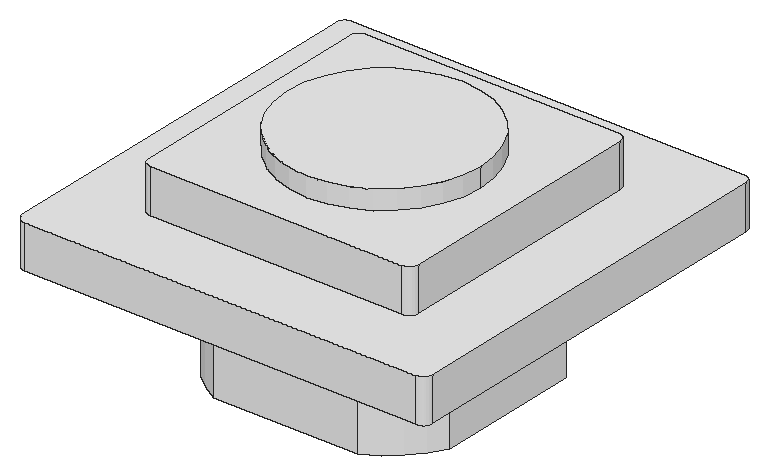
Revit family "DEVIreg Room_RFA_1", category Data Devices, host Face, Revit 2019
Family settings
  Host = Face
  Maintain Annotation Orientation = No
  Round Connector Dimension = Use Diameter
  Part Type = Normal
  OmniClass Number = 23.85.50.17
  OmniClass Title = Communication and Data Processing Equipment
  Cut with Voids When Loaded = No
  Shared = No
  Room Calculation Point = No
Parameters (values of type "DEVIreg™ Room_140F1161")
  r = 2 mm  # constant formula
  Weight = 0.204 kg  # constant formula
  WarrantyStartDate = ""
  WarrantyGuarantorParts = ""
  WarrantyGuarantorLabor = ""
  WarrantyDurationUnit = ""
  WarrantyDurationParts = ""
  WarrantyDurationLabor = ""
  WarrantyDescription = ""
  W = 85 mm  # constant formula
  Voltage = 230 V  # constant formula
  URL = "https://store.danfoss.com/en/Climate-Solutions-for-heating/Electric-heating/DEVI-electric-heating/Thermostats/Thermostats%2C-DEVIreg%E2%84%A2-Room%2C-Sensor-type%3A-Room-%2B-Floor%2C-16-A/p/140F1161"
  TagNumber = ""
  SustainabilityPerformance = ""
  Storage temperature = "-25 °C to 60 °C, 90% RH non-condensing"  # constant formula
  Standby power consumption = "0.2 W"  # constant formula
  Software class = "A"  # constant formula
  Size = ""
  Shape = ""
  SerialNumber = ""
  Sensing unit = "NTC 15 kΩ @ 25 °C, 3 m. (default),\r\nNTC 2 kΩ @ 25 °C\r\nNTC 6.8 kΩ @ 25 °C,\r\nNTC 10 kΩ @ 25 °C,\r\nNTC 12 kΩ @ 25 °C,\r\nNTC 33 kΩ @ 25 °C,\r\nNTC 47 kΩ @ 25 °C"  # constant formula
  Resistive load = "16A / 3680W @ 230V"  # constant formula
  ReplacementCost = ""
  Regulation = "PWM - Pulse Width Modulation"  # constant formula
  R = 20 mm  # constant formula
  Protection class = "Class II"  # constant formula
  Power = 0.2 W  # constant formula
  Pollution degree = "2 (domestic use)"  # constant formula
  Operating Temperature Range = "0 °C to 35 °C, 90% RH non-condensing"  # constant formula
  OF2 = 20 mm  # constant formula
  OF1 = 14.5 mm  # constant formula
  NominalWidth = W  # 85 mm
  NominalLength = L  # 22 mm
  NominalHeight = H  # 85 mm
  Name = ""
  Mounting method = "In-wall"  # constant formula
  ModelReference = ""
  ModelNumber = ""
  Model Type = "DEVIreg™ Room"  # constant formula
  Model = "140F1161"
  Material = ""
  Manufacturer = "Danfoss"  # constant formula
  LOD 350 = not(LOD 200)  # yes
  LOD 200 = no
  L = D  # 22 mm
  InstallationDate = ""
  Inductive load = "Cos Φ = 0.3 max. 1A"  # constant formula
  In-wall depth = 22 mm  # constant formula
  Immunity against voltage surges = "Over Voltage Category III"  # constant formula
  IfcExportType = "DEVIreg Room"  # constant formula
  IfcExportAs = "IfcElectricApplianceType"  # constant formula
  IP Rating = "21"  # constant formula
  H = 85 mm  # constant formula
  Grade = ""
  Frost protection = "4 °C - 14 °C (default 5 °C)"  # constant formula
  Finish = ""
  Features = ""
  ExpectedLife = ""
  DurationUnit = ""
  Description = "Programmable timer thermostat"  # constant formula
  Default Elevation = 0 mm
  D = 22 mm  # constant formula
  Controller type = "1 B"  # constant formula
  Constituents = ""
  Color = ""
  CodePerformance = ""
  Category = ""
  Cable specification for connector terminals, max. = "1 x 4 mm² or 2 x 2.5 mm²"  # constant formula
  Body Material = Danfoss Plastic White
  Battery back-up time, min = "60"  # constant formula
  BarCode = ""
  Ball pressure test temperature = "75 °C"  # constant formula
  AssetType = ""
  AssetIdentifier = ""
  Ambient Temperature Range = "0 °C to 30 °C"  # constant formula
  AccessibilityPerformance = ""
Reference planes
  plane 1 "Center (Front/Back)": y = 0
  plane 2: z = 0
  plane 3 "Center (Left/Right)": x = 0
  plane 4: x = -42.5
  plane 5: x = 42.5
  plane 6: y = -42.5
  plane 7: y = 42.5
  plane 8: z = 9
  plane 9: z = -22
  plane 10: z = 22
Forms (mm)
  Extrusion 1, solid, material "Danfoss Plastic White" <- "Body Material", visible <- "LOD 350", detail levels fine
    sketch origin (0, 0, 0) x (1, 0, 0) y (0, 1, 0)
      loop
        arc (-40.5, 42.5) -> (-41.914, 41.914) -> (-42.5, 40.5) r 2
        line (-42.5, 40.5) -> (-42.5, -40.5)
        arc (-42.5, -40.5) -> (-41.914, -41.914) -> (-40.5, -42.5) r 2
        line (-40.5, -42.5) -> (40.5, -42.5)
        arc (40.5, -42.5) -> (41.914, -41.914) -> (42.5, -40.5) r 2
        line (42.5, -40.5) -> (42.5, 40.5)
        arc (42.5, 40.5) -> (41.914, 41.914) -> (40.5, 42.5) r 2
        line (40.5, 42.5) -> (-40.5, 42.5)
    from 0 to 9
  Extrusion 2, solid, material "Danfoss Plastic White" <- "Body Material", visible <- "LOD 350", detail levels fine
    sketch origin (0, 0, 0) x (1, 0, 0) y (0, 1, 0)
      loop
        arc (-26, 28) -> (-27.414, 27.414) -> (-28, 26) r 2
        line (-28, 26) -> (-28, -26)
        arc (-28, -26) -> (-27.414, -27.414) -> (-26, -28) r 2
        line (-26, -28) -> (26, -28)
        arc (26, -28) -> (27.414, -27.414) -> (28, -26) r 2
        line (28, -26) -> (28, 26)
        arc (28, 26) -> (27.414, 27.414) -> (26, 28) r 2
        line (26, 28) -> (-26, 28)
    from 9 to 17.992
  Extrusion 3, solid, material "Danfoss Plastic White" <- "Body Material", visible <- "LOD 350", detail levels fine
    sketch origin (0, 0, 0) x (1, 0, 0) y (0, 1, 0)
      loop
        circle (0, 0) r 20
    from 17.992 to 22
  Extrusion 4, solid, material "Danfoss Plastic White" <- "Body Material", visible <- "LOD 200", detail levels medium+fine
    sketch origin (0, 0, 0) x (1, 0, 0) y (0, 1, 0)
      loop
        line (-42.5, 42.5) -> (-42.5, -42.5) -> (42.5, -42.5) -> (42.5, 42.5) -> (-42.5, 42.5)
    from 0 to 9
  Extrusion 5, solid, material "Danfoss Plastic White" <- "Body Material", detail levels coarse+medium
    sketch origin (0, 0, 0) x (1, 0, 0) y (0, 1, 0)
      loop
        line (-25.502, 21.502) -> (-25.502, -25.498) -> (25.498, -25.498) -> (25.498, 21.502) -> (-25.502, 21.502)
    from -22 to 0
  Extrusion 6, solid, material "Danfoss Plastic White" <- "Body Material", detail levels coarse+medium
    sketch origin (0, 0, 0) x (1, 0, 0) y (0, 1, 0)
      loop
        line (-42.5, 42.5) -> (-42.5, -42.5) -> (42.5, -42.5) -> (42.5, 42.5) -> (-42.5, 42.5)
    from 0 to 22
  Extrusion 7, solid, material "Danfoss Plastic White" <- "Body Material", detail levels fine
    sketch origin (0, 0, 0) x (1, 0, 0) y (0, 1, 0)
      loop
        line (25.498, 15.125) -> (20.131, 21.502) -> (-20.135, 21.502) -> (-25.502, 15.125) -> (-25.502, -14.998)
        arc (-25.502, -14.998) -> (-21.084, -21.08) -> (-15.002, -25.498) r 24.016
        line (-15.002, -25.498) -> (14.998, -25.498)
        arc (14.998, -25.498) -> (21.08, -21.08) -> (25.498, -14.998) r 24.016
        line (25.498, -14.998) -> (25.498, 15.125)
    from -22 to 0
  Extrusion 8, solid, material "Danfoss Plastic White" <- "Body Material", visible <- "LOD 200", detail levels fine
    sketch origin (0, 0, 0) x (1, 0, 0) y (0, 1, 0)
      loop
        line (26, 28) -> (-26, 28)
        arc (-26, 28) -> (-27.414, 27.414) -> (-28, 26) r 2
        line (-28, 26) -> (-28, -26)
        arc (-28, -26) -> (-27.414, -27.414) -> (-26, -28) r 2
        line (-26, -28) -> (26, -28)
        arc (26, -28) -> (27.414, -27.414) -> (28, -26) r 2
        line (28, -26) -> (28, 26)
        arc (28, 26) -> (27.414, 27.414) -> (26, 28) r 2
    from 9 to 22
Dimensions and locks
  equal spacing: plane 4, plane 3 "Center (Left/Right)", plane 5
  equal spacing: plane 7, plane 1 "Center (Front/Back)", plane 6
  "W": plane 4 to plane 5
  "H": plane 7 to plane 6
  locked: plane 8 to host face at 9
  "OF1": plane 7 to Extrusion 2 sketch curve
  "OF1": plane 4 to Extrusion 2 sketch curve
  "OF1": Extrusion 2 sketch curve to plane 6
  "OF1": Extrusion 2 sketch curve to plane 5
  "In-wall depth": host face to plane 9
  "D": plane 10 to host face
  Extrusion 7 sketch curve to plane 7 = 20.998 mm
  Extrusion 7 sketch curve to plane 6 = 17.002 mm
  "r": radius of Extrusion 1 sketch curve  (x4)
  "r": radius of Extrusion 2 sketch curve  (x4)
  "R": radius of Extrusion 3 sketch curve
  aligned and locked: plane 2 to host face
  aligned and locked: level to host face
  aligned and locked: Extrusion 1 sketch curve to plane 7
  aligned and locked: plane 4 to Extrusion 1 sketch curve
  aligned and locked: plane 6 to Extrusion 1 sketch curve
  aligned and locked: Extrusion 1 sketch curve to plane 5
  aligned and locked: Extrusion 1 to level
  aligned and locked: plane 8 to Extrusion 1
  aligned and locked: Extrusion 2 to Extrusion 1
  aligned and locked: plane 10 to Extrusion 3
  aligned and locked: plane 4 to Extrusion 4 sketch curve
  aligned and locked: Extrusion 4 sketch curve to plane 5
  aligned and locked: Extrusion 4 sketch curve to plane 7
  aligned and locked: plane 6 to Extrusion 4 sketch curve
  aligned and locked: Extrusion 4 to level
  aligned and locked: Extrusion 5 to plane 9
  aligned and locked: level to Extrusion 5
  aligned and locked: plane 4 to Extrusion 6 sketch curve
  aligned and locked: Extrusion 6 sketch curve to plane 5
  aligned and locked: Extrusion 6 sketch curve to plane 7
  aligned and locked: plane 6 to Extrusion 6 sketch curve
  aligned and locked: plane 10 to Extrusion 6
  aligned and locked: Extrusion 6 to level
  aligned and locked: Extrusion 3 to Extrusion 2
  aligned and locked: Extrusion 4 to Extrusion 1
  aligned and locked: Extrusion 5 sketch curve to Extrusion 7  (x4)
  aligned and locked: Extrusion 7 to plane 9
  aligned and locked: level to Extrusion 7
  aligned and locked: Extrusion 8 sketch curve to Extrusion 2  (x4)
  aligned and locked: Extrusion 8 to Extrusion 1
  aligned and locked: plane 10 to Extrusion 8
Automatic sketch dimensions
  host sketch curve to host sketch curve = 2438.4 mm  (x2)
  plane 4 to Extrusion 7 sketch curve = 16.998 mm
  Extrusion 7 sketch curve to Extrusion 7 sketch curve = 5.367 mm
  Extrusion 7 sketch curve to Extrusion 7 sketch curve = 10.5 mm  (x4)
  Extrusion 7 sketch curve to plane 3 "Center (Left/Right)" = 4.102 mm
  plane 3 "Center (Left/Right)" to Extrusion 7 sketch curve = 4.098 mm
  plane 3 "Center (Left/Right)" to Extrusion 7 sketch curve = 14.998 mm
  plane 3 "Center (Left/Right)" to Extrusion 7 sketch curve = 20.131 mm
  Extrusion 7 sketch curve to plane 1 "Center (Front/Back)" = 15.125 mm
  Extrusion 7 sketch curve to Extrusion 7 sketch curve = 6.378 mm
  plane 1 "Center (Front/Back)" to Extrusion 3 sketch curve = 0 mm
  Extrusion 3 sketch curve to plane 3 "Center (Left/Right)" = 0 mm
Connectors
  electrical at (0, 0, 0), driven by "Voltage", driven by "Power"
    settings: on Extrusion 1, index 1, voltage 230 V, apparent load 0.2 W, apparent load phase1 0 W, apparent load phase2 0 W, apparent load phase3 0 W, power factor 0.95, load classification "Power", number of poles 1, system type 30, power factor state 1, is connector primary yes, connector utility no, sub classification motor no, connector description ""
